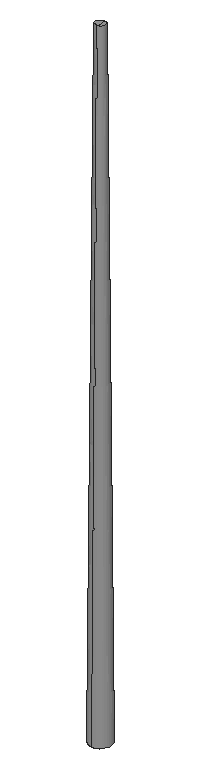
Revit family
Parameters (values of type "70 w")
  Width = 300 mm
  Weight = "6,5 kg"
  Wattage Comments = "70 w (eller 26, 35, 42 w)"
  Wattage = 43.0855 W
  built-in parameter 1150110 = 1 (stored number, unit not read)
  Voltage = 230
  URL = "www.focus-lighting.dk"
  built-in parameter 1114217 = 1 (stored number, unit not read)
  built-in parameter 1150109 = 1 (stored number, unit not read)
  built-in parameter 1150134 = (empty or 0)
  built-in parameter 1150113 = 1 (stored number, unit not read)
  Screen Material = "Klar eller opaliseret polycarbonat"
  Pole radius bottom [instance] = 65 mm
  Pole Height [instance] = 4000 mm
  Model = "Nyx 330 on Pole"
  Manufacturer = "Focus Lighting"
  Lumens = 6400 lm
  built-in parameter 1150115 = 1 (stored number, unit not read)
  built-in parameter 1150105 = 2037.2 (stored number, unit not read)
  Light Source Symbol Size = 10 mm
  built-in parameter 1150137 = (empty or 0)
  built-in parameter 1150139 = (empty or 0)
  Length = 416 mm
  built-in parameter 1150112 = 1 (stored number, unit not read)
  built-in parameter 1150114 = 1 (stored number, unit not read)
  Lamp Holder = "GX24q-3 4-pin (eller GX24q-4 4-pin, E27) "
  Lamp = "Kompaktlysrør, Metalhalogen"
  built-in parameter 1150132 = 2
  built-in parameter 1150102 = (empty or 0)
  built-in parameter 1150138 = (empty or 0)
  built-in parameter 1150107 = 2700 (stored number, unit not read)
  built-in parameter 1150106 = 20.372 (stored number, unit not read)
  IP rating (environmental protection the enclosure provides) = "IP66, kl l"
  Height = 191 mm
  Exterior Use = yes
  Emit from Circle Diameter = 260 mm
  Emit Shape Visible in Rendering = no
  built-in parameter 1150104 = 13.8 (stored number, unit not read)
  Dimming Lamp Color Temperature Shift = (empty or 0)
  Color Filter = 16777215
  Color = "Grafitgrå, silvergrå, sort "
  Coating = "Lakeret"
  Casing Material = "Støbt silumin (aluminiumslegering) "
  built-in parameter 1114218 = 1 (stored number, unit not read)
  built-in parameter 1150133 = 10 (stored number, unit not read)
Reference planes
  plane 1 "Light Source Axis (F/B)": y = -200
  plane 2: z = 0
  plane 3 "Light Source Axis (L/R)": x = 0
  plane 4 "Light Source Elevation": z = 4100
  plane 5: y = 0
  plane 6: z = 4000
  plane 7: y = 65
  plane 8: y = 30
Forms (mm)
  Revolve 1, solid, material "Metal-Nyx"
    sketch origin (0, 646.886, -1450.733) x (0, 1, 0) y (0, 0, 1)
      loop
        line (-646.886, 1450.733) -> (-581.886, 1450.733) -> (-616.886, 5450.733) -> (-646.886, 5450.733) -> (-646.886, 1450.733)
      axis (-646.886, 5450.733) -> (-646.886, 1450.733)
    angle from 0 to 360
Dimensions and locks
  "Pole radius bottom": plane 7 to plane 5
  locked: plane 8 to plane 5 at 30
  "Pole Height": plane 6 to level
  locked: plane 4 "Light Source Elevation" to plane 6 at 100
  aligned and locked: plane 4 "Light Source Elevation" to imposter light
  aligned and locked: Revolve 1 sketch curve to plane 5  (x2)
  aligned and locked: plane 2 to Revolve 1 sketch curve
  aligned and locked: import instance to plane 6
Automatic sketch dimensions
  Revolve 1 sketch curve to plane 6 = 0 mm
  Revolve 1 sketch curve to plane 8 = 0 mm
  Revolve 1 sketch curve to plane 7 = 0 mm
  Revolve 1 sketch curve to level = 0 mm
  plane 4 "Light Source Elevation" to Revolve 1 sketch curve = 139.088 mm
